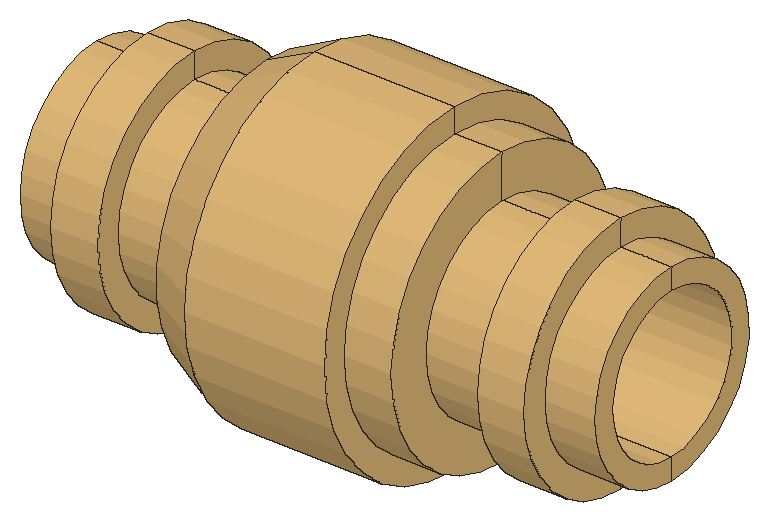
Revit family "X431 Check Valve", category Pipe Accessories, Revit 2018
Family settings
  Round Connector Dimension = Use Diameter
  Part Type = Valve - Breaks Into
  Work Plane-Based = No
  Always vertical = Yes
  Cut with Voids When Loaded = No
  Shared = No
Parameters (values of type "X431 Check Valve")
  pipe rad [instance] = Pipe Diameter / 2  # 0.3125"
  insert [instance] = size_lookup(LookupTable, "insert", 0.000", Nominal Diameter)  # 0.710"
  Weight [instance] = size_lookup(LookupTable, "Weight", "NA", Nominal Diameter)  # "2.99 lbs."
  URL = "http://www.fnw.com"
  Standards Lookup Table = "Standards"  # constant formula
  R4 [instance] = R3 - 0.100"  # 0.580"
  R3 [instance] = size_lookup(LookupTable, "R3", 0.000", Nominal Diameter)  # 0.680"
  R2 [instance] = size_lookup(LookupTable, "R2", 0.000", Nominal Diameter)  # 0.5075"
  R1 [instance] = size_lookup(LookupTable, "R1", 0.000", Nominal Diameter) + 0.060"  # 0.4015"
  Product ID [instance] = size_lookup(LookupTable, "ProductID", "NA", Nominal Diameter)  # "4035080"
  Pipe Diameter [instance] = size_lookup(Standards Lookup Table, "copper", 0.000", Nominal Diameter)  # 0.625"
  Part Number [instance] = size_lookup(LookupTable, "PartNumber", "NA", Nominal Diameter)  # "FNWX431D"
  Nominal Diameter [instance] = 1/2"
  LookupTable [instance] = "X431 Check Valve"  # constant formula
  L7 [instance] = size_lookup(LookupTable, "L7", 0.000", Nominal Diameter)  # 0.58526"
  L6 [instance] = size_lookup(LookupTable, "L6", 0.000", Nominal Diameter)  # 0.20014"
  L5 [instance] = size_lookup(LookupTable, "L5", 0.000", Nominal Diameter)  # 0.19933"
  L4 [instance] = size_lookup(LookupTable, "L4", 0.000", Nominal Diameter)  # 0.3025"
  L3 [instance] = size_lookup(LookupTable, "L3", 0.000", Nominal Diameter)  # 0.3025"
  L2 [instance] = size_lookup(LookupTable, "L2", 0.000", Nominal Diameter)  # 0.195"
  L1 [instance] = size_lookup(LookupTable, "L1", 0.000", Nominal Diameter)  # 0.2125"
  Description BOM [instance] = size_lookup(LookupTable, "Description_BOM", "NA", Nominal Diameter)  # "Lead Law Compliant 1/2 Brass PXP Check Valve Water"
Reference planes (in)
  plane 1 "Center (Front/Back)": y = 0
  plane 2: z = 0
  plane 3 "Center (Left/Right)": x = 0
  plane 4: y = 0.375
  plane 5: y = -0.375
  plane 6: x = -1.20196
  plane 7: x = -0.29263
  plane 8: x = 0.29263
  plane 9: x = -0.49196
  plane 10: x = -0.79446
  plane 11: x = -0.98946
  plane 12: z = 0.4015
  plane 13: z = 0.3125
  plane 14: z = 0.5075
  plane 15: z = 0.68
  plane 16: x = 1.20277
  plane 17: x = 0.49277
  plane 18: x = 0.79527
  plane 19: x = 0.99027
  plane 20: z = 0.58
  plane 21: x = 0.49277
  plane 22: x = -0.49196
Forms (in)
  Revolve 1, solid, material "Brass"
    sketch origin (0, 0, 0) x (1, 0, 0) y (0, 0, 1)
      loop
        line (0.29263, 0.68) -> (-0.29263, 0.68) -> (-0.49196, 0.58) -> (-0.49196, 0) -> (0.49277, 0) -> (0.49277, 0.58) -> (0.29263, 0.58) -> (0.29263, 0.68)
      axis (0.49277, 0) -> (-0.49196, 0)
    angle from 0 to 360
  Revolve 2, solid, material "Brass"
    sketch origin (0, 0, 0) x (1, 0, 0) y (0, 0, 1)
      loop
        line (-1.20196, 0.3125) -> (-0.49196, 0.3125) -> (-0.49196, 0.4015) -> (-1.20196, 0.4015) -> (-1.20196, 0.3125)
      axis (-0.49196, 0) -> (-1.20196, 0)
    angle from 0 to 360
  Revolve 3, solid, material "Brass"
    sketch origin (0, 0, 0) x (-1, 0, 0) y (0, 0, 1)
      loop
        line (-1.20277, 0.3125) -> (-0.49277, 0.3125) -> (-0.49277, 0.4015) -> (-1.20277, 0.4015) -> (-1.20277, 0.3125)
      axis (-0.49277, 0) -> (-1.20277, 0)
    angle from 0 to 360
  Revolve 4, solid, not visible
    sketch origin (0, 0, 0) x (1, 0, 0) y (0, 0, 1)
      loop
        line (-0.49196, 0.18918) -> (-0.49196, 0) -> (0.49277, 0) -> (0.49277, 0.18918) -> (-0.49196, 0.18918)
      axis (0.49277, 0) -> (-0.49196, 0)
    angle from 0 to 360
  Revolve 5, solid, material "Brass"
    sketch origin (0, 0, 0) x (1, 0, 0) y (0, 0, 1)
      loop
        line (-0.98946, 0.5075) -> (-0.98946, 0.4015) -> (-0.79446, 0.4015) -> (-0.79446, 0.5075) -> (-0.98946, 0.5075)
      loop
        line (0.79527, 0.5075) -> (0.79527, 0.4015) -> (0.99027, 0.4015) -> (0.99027, 0.5075) -> (0.79527, 0.5075)
      axis (0.99027, 0) -> (-0.98946, 0)
    angle from 0 to 360
Dimensions and locks (in)
  equal spacing: plane 8, plane 3 "Center (Left/Right)", plane 7
  "L7": plane 8 to plane 7
  "pipe rad": plane 13 to plane 2
  "R1": plane 12 to plane 2
  "R2": plane 14 to plane 2
  "R3": plane 15 to plane 2
  "L1": plane 11 to plane 6
  "L1": plane 19 to plane 16
  "L2": plane 10 to plane 11
  "L2": plane 18 to plane 19
  "L3": plane 9 to plane 10
  "L4": plane 17 to plane 18
  "R4": plane 20 to plane 2
  "insert": plane 22 to plane 6
  "insert": plane 21 to plane 16
  "L5": plane 7 to plane 9
  "L6": plane 17 to plane 8
  aligned and locked: plane 2 to level
  aligned and locked: plane 2 to Revolve 1 sketch curve
  aligned and locked: Revolve 1 sketch curve to plane 15
  aligned and locked: Revolve 1 sketch curve to plane 2
  aligned and locked: Revolve 1 sketch curve to plane 9
  aligned and locked: plane 2 to Revolve 2 sketch curve
  aligned and locked: plane 13 to Revolve 2 sketch curve
  aligned and locked: Revolve 2 sketch curve to plane 12
  aligned and locked: Revolve 2 sketch curve to plane 6
  aligned and locked: plane 9 to Revolve 2 sketch curve
  aligned and locked: plane 16 to Revolve 3 sketch curve
  aligned and locked: Revolve 3 sketch curve to plane 17
  aligned and locked: Revolve 3 sketch curve to plane 13
  aligned and locked: plane 12 to Revolve 3 sketch curve
  aligned and locked: plane 17 to Revolve 1 sketch curve
  aligned and locked: plane 8 to Revolve 1 sketch curve
  aligned and locked: Revolve 1 sketch curve to plane 8
  aligned and locked: Revolve 1 sketch curve to plane 20  (x2)
  aligned and locked: Revolve 4 sketch curve to plane 22
  aligned and locked: plane 21 to Revolve 4 sketch curve
  aligned and locked: plane 2 to Revolve 4 sketch curve  (x2)
  aligned and locked: plane 11 to Revolve 5 sketch curve
  aligned and locked: Revolve 5 sketch curve to plane 10
  aligned and locked: plane 14 to Revolve 5 sketch curve  (x2)
  aligned and locked: Revolve 5 sketch curve to plane 18
  aligned and locked: plane 19 to Revolve 5 sketch curve
  aligned and locked: Revolve 5 sketch curve to plane 12  (x2)
Automatic sketch dimensions
  Revolve 2 sketch curve to plane 6 = 0.39869"
  plane 9 to Revolve 2 sketch curve = 0.19284"
  Revolve 1 sketch curve to plane 11 = 0.000"
  Revolve 1 sketch curve to plane 7 = 0.000"
  Revolve 1 sketch curve to plane 8 = 0.18782"
  Revolve 3 sketch curve to level = 0.000"
  plane 16 to Revolve 3 sketch curve = 0.39869"
  Revolve 3 sketch curve to plane 17 = 0.19284"
  Revolve 4 sketch curve to Revolve 4 sketch curve = 0.18918"
  Revolve 4 sketch curve to plane 6 = 0.20412"
  Revolve 4 sketch curve to plane 7 = 0.1178"
  Revolve 5 sketch curve to level = 0.000"
  Revolve 5 sketch curve to plane 6 = 0.250"
  Revolve 5 sketch curve to Revolve 5 sketch curve = 0.750"
Connectors (in)
  piping at (-0.49196, 0, 0), diameter 0.5, driven by "Nominal Diameter"
    settings: on Revolve 4, index 1, connector inside diameter 24", connector length 0.000", flow factor 0, pipe flow 0 GPM, pressure drop 0.00 psi, fitting loss kfactor 0, connector angle 0.00°, fixture units 0, engagement length 0.000", angle of deflection 0.00°, flow configuration 0, flow direction 0, fitting loss method 0, system type 29, joint type 0, gender type 0, connector reference index -1, connector utility 0, adjustable connector no, is connector primary yes, connector description ""
  piping at (0.49277, 0, 0), diameter 0.5, driven by "Nominal Diameter"
    settings: on Revolve 4, index 2, connector inside diameter 24", connector length 0.000", flow factor 0, pipe flow 0 GPM, pressure drop 0.00 psi, fitting loss kfactor 0, connector angle 0.00°, fixture units 0, engagement length 0.000", angle of deflection 0.00°, flow configuration 0, flow direction 0, fitting loss method 0, system type 29, joint type 0, gender type 0, connector reference index -1, connector utility 0, adjustable connector no, is connector primary no, connector description ""
